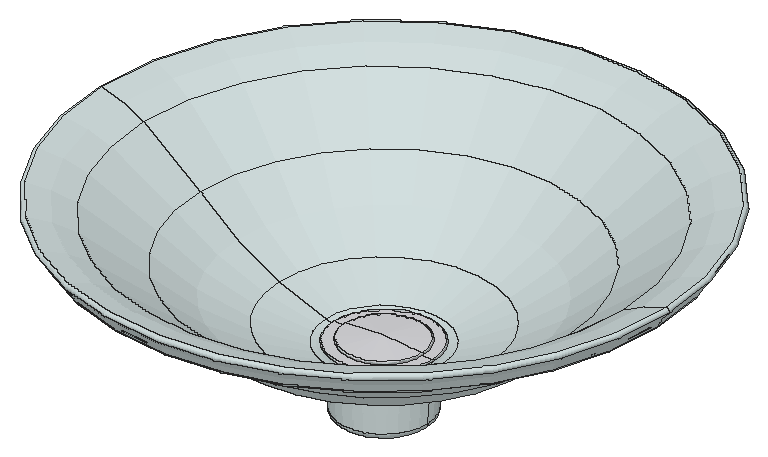
Revit family "Sink-Vessel-Lavatory-KOHLER-Derring_on_Carillon-K-17890_1", category Plumbing Fixtures, host Face, Revit 2015 (continued)
Definition of nested family "K-17890"
  Lines and regions (in)
    symbolic lines, detail levels medium+fine
      curve 2788: arc (-1.16152, -5.07039, 0) -> (-1.16837, -4.9613, 0) -> (-1.20581, -4.85861, 0) r 0.38232
      curve 2789: arc (-1.4023, -5.02707, 0) -> (-1.35047, -4.94384, 0) -> (-1.29171, -4.86534, 0) r 1.14623
      curve 2790: arc (-1.29171, -4.86534, 0) -> (-1.2502, -4.84363, 0) -> (-1.20581, -4.85861, 0) r 0.05964
      curve 2791: arc (-1.23286, -4.84481, 0) -> (-1.1581, -4.623, 0) -> (-1.0632, -4.40904, 0) r 2.53556
      curve 2792: arc (-1.0632, -4.40904, 0) -> (-1.00329, -4.31851, 0) -> (-0.92344, -4.24497, 0) r 0.44975
      curve 2793: arc (-1.23286, -4.84481, 0) -> (-1.19808, -4.61188, 0) -> (-1.17325, -4.37768, 0) r 5.52516
      curve 2794: arc (-1.17325, -4.37768, 0) -> (-1.17992, -4.26812, 0) -> (-1.21766, -4.16504, 0) r 0.37959
      curve 2795: arc (-0.92344, -4.24497, 0) -> (-0.90461, -4.04296, 0) -> (-0.90737, -3.84009, 0) r 1.90482
      curve 2796: arc (-1.21766, -4.16504, 0) -> (-1.136, -3.97034, 0) -> (-1.02476, -3.79088, 0) r 1.33954
      curve 2797: arc (-0.90737, -3.84009, 0) -> (-0.91922, -3.78008, 0) -> (-0.9459, -3.72504, 0) r 0.23936
      curve 2798: arc (-1.02476, -3.79088, 0) -> (-0.98932, -3.75317, 0) -> (-0.9459, -3.72504, 0) r 0.21491
      curve 2799: arc (-0.9459, -3.72504, 0) -> (-0.8851, -3.57488, 0) -> (-0.81281, -3.4299, 0) r 2.082
      curve 2800: arc (-0.9459, -3.72504, 0) -> (-0.92913, -3.56358, 0) -> (-0.92739, -3.40127, 0) r 1.75146
      curve 2801: arc (-0.81281, -3.4299, 0) -> (-0.77937, -3.39086, 0) -> (-0.73307, -3.36854, 0) r 0.12522
      curve 2802: arc (-0.92739, -3.40127, 0) -> (-0.93984, -3.34994, 0) -> (-0.97151, -3.30766, 0) r 0.13139
      curve 2803: arc (-0.81631, -3.3548, 0) -> (-0.61262, -2.53154, 0) -> (-0.4329, -1.70271, 0) r 29.2281
      curve 2804: arc (-0.88347, -3.33715, 0) -> (-0.66958, -2.51679, 0) -> (-0.4329, -1.70271, 0) r 30.40578
      curve 2805: arc (-0.86526, -3.48791, 0) -> (-0.83761, -3.42252, 0) -> (-0.81631, -3.3548, 0) r 0.74486
      curve 2806: arc (-0.90785, -3.46746, 0) -> (-0.89749, -3.40196, 0) -> (-0.88347, -3.33715, 0) r 1.18069
      curve 2807: arc (-0.89882, -3.50652, 0) -> (-0.90685, -3.4878, 0) -> (-0.90785, -3.46746, 0) r 0.05754
      curve 2808: arc (-0.89882, -3.50652, 0) -> (-0.87908, -3.50256, 0) -> (-0.86526, -3.48791, 0) r 0.03318
      curve 2809: arc (-1.64013, -5.58577, 0) -> (-1.57386, -5.28144, 0) -> (-1.52028, -4.97461, 0) r 7.49877
      curve 2810: arc (-2.0293, -5.46293, 0) -> (-1.91057, -5.18004, 0) -> (-1.75736, -4.91422, 0) r 2.44677
      curve 2811: arc (-1.52028, -4.97461, 0) -> (-1.51933, -4.86531, 0) -> (-1.54935, -4.76021, 0) r 0.38232
      curve 2812: arc (-1.75736, -4.91422, 0) -> (-1.69972, -4.8349, 0) -> (-1.63551, -4.76079, 0) r 1.14623
      curve 2813: arc (-1.63551, -4.76079, 0) -> (-1.59255, -4.7421, 0) -> (-1.54935, -4.76021, 0) r 0.05964
      curve 2814: arc (-1.57535, -4.74452, 0) -> (-1.48495, -4.52861, 0) -> (-1.37503, -4.32195, 0) r 2.53556
      curve 2815: arc (-1.37503, -4.32195, 0) -> (-1.30881, -4.23593, 0) -> (-1.22392, -4.16828, 0) r 0.44975
      curve 2816: arc (-1.57535, -4.74452, 0) -> (-1.52403, -4.51466, 0) -> (-1.48256, -4.28283, 0) r 5.52516
      curve 2817: arc (-1.48256, -4.28283, 0) -> (-1.4814, -4.17307, 0) -> (-1.51169, -4.06756, 0) r 0.37959
      curve 2818: arc (-1.22392, -4.16828, 0) -> (-1.19072, -3.96813, 0) -> (-1.17901, -3.76558, 0) r 1.90482
      curve 2819: arc (-1.51169, -4.06756, 0) -> (-1.41635, -3.87918, 0) -> (-1.29259, -3.70811, 0) r 1.33954
      curve 2820: arc (-1.17901, -3.76558, 0) -> (-1.18655, -3.70487, 0) -> (-1.20923, -3.64806, 0) r 0.23936
      curve 2821: arc (-1.29259, -3.70811, 0) -> (-1.25455, -3.67303, 0) -> (-1.20923, -3.64806, 0) r 0.21491
      curve 2822: arc (-1.20923, -3.64806, 0) -> (-1.13787, -3.50263, 0) -> (-1.05543, -3.36318, 0) r 2.082
      curve 2823: arc (-1.20923, -3.64806, 0) -> (-1.18099, -3.48822, 0) -> (-1.16767, -3.32645, 0) r 1.75146
      curve 2824: arc (-1.05543, -3.36318, 0) -> (-1.01929, -3.32662, 0) -> (-0.97151, -3.30766, 0) r 0.12522
      curve 2825: arc (-1.16767, -3.32645, 0) -> (-1.17643, -3.27436, 0) -> (-1.205, -3.22992, 0) r 0.13139
      curve 2826: arc (-1.05356, -3.28802, 0) -> (-0.79166, -2.48138, 0) -> (-0.55327, -1.66749, 0) r 29.2281
      curve 2827: arc (-1.11929, -3.26562, 0) -> (-0.84742, -2.46261, 0) -> (-0.55327, -1.66749, 0) r 30.40578
      curve 2828: arc (-1.11188, -3.41729, 0) -> (-1.07964, -3.35405, 0) -> (-1.05356, -3.28802, 0) r 0.74486
      curve 2829: arc (-1.1529, -3.39386, 0) -> (-1.13789, -3.32926, 0) -> (-1.11929, -3.26562, 0) r 1.18069
      curve 2830: arc (-1.14668, -3.43346, 0) -> (-1.15335, -3.41422, 0) -> (-1.1529, -3.39386, 0) r 0.05754
      curve 2831: arc (-1.14668, -3.43346, 0) -> (-1.12671, -3.43092, 0) -> (-1.11188, -3.41729, 0) r 0.03318
      curve 2832: arc (-2.03444, -5.45453, 0) -> (-1.94662, -5.1557, 0) -> (-1.87129, -4.85348, 0) r 7.49877
      curve 2833: arc (-2.41386, -5.30424, 0) -> (-2.27524, -5.03054, 0) -> (-2.10346, -4.77633, 0) r 2.44677
      curve 2834: arc (-1.87129, -4.85348, 0) -> (-1.86254, -4.74453, 0) -> (-1.88499, -4.63755, 0) r 0.38232
      curve 2835: arc (-2.10346, -4.77633, 0) -> (-2.0403, -4.70132, 0) -> (-1.97097, -4.63199, 0) r 1.14623
      curve 2836: arc (-1.97097, -4.63199, 0) -> (-1.92679, -4.61641, 0) -> (-1.88499, -4.63755, 0) r 0.05964
      curve 2837: arc (-1.9098, -4.62004, 0) -> (-1.80423, -4.41113, 0) -> (-1.67985, -4.21285, 0) r 2.53556
      curve 2838: arc (-1.67985, -4.21285, 0) -> (-1.60767, -4.13177, 0) -> (-1.51816, -4.07035, 0) r 0.44975
      curve 2839: arc (-1.9098, -4.62004, 0) -> (-1.84222, -4.39444, 0) -> (-1.78432, -4.16616, 0) r 5.52516
      curve 2840: arc (-1.78432, -4.16616, 0) -> (-1.77532, -4.05676, 0) -> (-1.79801, -3.94936, 0) r 0.37959
      curve 2841: arc (-1.51816, -4.07035, 0) -> (-1.47077, -3.87307, 0) -> (-1.44463, -3.67187, 0) r 1.90482
      curve 2842: arc (-1.79801, -3.94936, 0) -> (-1.68948, -3.76825, 0) -> (-1.55383, -3.60645, 0) r 1.33954
      curve 2843: arc (-1.44463, -3.67187, 0) -> (-1.44783, -3.61079, 0) -> (-1.4664, -3.5525, 0) r 0.23936
      curve 2844: arc (-1.55383, -3.60645, 0) -> (-1.51339, -3.57418, 0) -> (-1.4664, -3.5525, 0) r 0.21491
      curve 2845: arc (-1.4664, -3.5525, 0) -> (-1.38485, -3.41253, 0) -> (-1.29266, -3.27931, 0) r 2.082
      curve 2846: arc (-1.4664, -3.5525, 0) -> (-1.42683, -3.39508, 0) -> (-1.402, -3.23467, 0) r 1.75146
      curve 2847: arc (-1.29266, -3.27931, 0) -> (-1.25401, -3.24543, 0) -> (-1.205, -3.22992, 0) r 0.12522
      curve 2848: arc (-1.402, -3.23467, 0) -> (-1.40702, -3.18209, 0) -> (-1.43235, -3.13573, 0) r 0.13139
      curve 2849: arc (-1.28544, -3.20448, 0) -> (-0.96666, -2.41858, 0) -> (-0.67082, -1.62377, 0) r 29.2281
      curve 2850: arc (-1.3494, -3.17745, 0) -> (-1.02094, -2.39588, 0) -> (-0.67082, -1.62377, 0) r 30.40578
      curve 2851: arc (-1.35284, -3.32927, 0) -> (-1.31616, -3.26848, 0) -> (-1.28544, -3.20448, 0) r 0.74486
      curve 2852: arc (-1.39208, -3.30296, 0) -> (-1.3725, -3.23961, 0) -> (-1.3494, -3.17745, 0) r 1.18069
      curve 2853: arc (-1.3887, -3.34291, 0) -> (-1.39398, -3.32324, 0) -> (-1.39208, -3.30296, 0) r 0.05754
      curve 2854: arc (-1.3887, -3.34291, 0) -> (-1.3686, -3.3418, 0) -> (-1.35284, -3.32927, 0) r 0.03318
      curve 2855: arc (-2.41837, -5.2955, 0) -> (-2.30946, -5.0037, 0) -> (-2.21276, -4.70762, 0) r 7.49877
      curve 2856: arc (-2.78611, -5.11853, 0) -> (-2.62831, -4.85541, 0) -> (-2.43884, -4.61411, 0) r 2.44677
      curve 2857: arc (-2.21276, -4.70762, 0) -> (-2.19627, -4.59957, 0) -> (-2.21103, -4.49126, 0) r 0.38232
      curve 2858: arc (-2.43884, -4.61411, 0) -> (-2.37049, -4.54379, 0) -> (-2.29639, -4.47958, 0) r 1.14623
      curve 2859: arc (-2.29639, -4.47958, 0) -> (-2.25121, -4.46719, 0) -> (-2.21103, -4.49126, 0) r 0.05964
      curve 2860: arc (-2.23453, -4.47203, 0) -> (-2.11432, -4.27118, 0) -> (-1.97611, -4.08228, 0) r 2.53556
      curve 2861: arc (-1.97611, -4.08228, 0) -> (-1.89833, -4.00655, 0) -> (-1.80467, -3.95167, 0) r 0.44975
      curve 2862: arc (-2.23453, -4.47203, 0) -> (-2.15102, -4.25182, 0) -> (-2.07698, -4.02825, 0) r 5.52516
      curve 2863: arc (-2.07698, -4.02825, 0) -> (-2.06021, -3.91977, 0) -> (-2.07517, -3.81103, 0) r 0.37959
      curve 2864: arc (-1.80467, -3.95167, 0) -> (-1.74333, -3.75828, 0) -> (-1.7029, -3.55946, 0) r 1.90482
      curve 2865: arc (-2.07517, -3.81103, 0) -> (-1.95399, -3.63813, 0) -> (-1.80715, -3.48641, 0) r 1.33954
      curve 2866: arc (-1.7029, -3.55946, 0) -> (-1.70173, -3.4983, 0) -> (-1.7161, -3.43884, 0) r 0.23936
      curve 2867: arc (-1.80715, -3.48641, 0) -> (-1.76451, -3.45711, 0) -> (-1.7161, -3.43884, 0) r 0.21491
      curve 2868: arc (-1.7161, -3.43884, 0) -> (-1.62477, -3.30504, 0) -> (-1.52331, -3.17874, 0) r 2.082
      curve 2869: arc (-1.7161, -3.43884, 0) -> (-1.66539, -3.28464, 0) -> (-1.62919, -3.12641, 0) r 1.75146
      curve 2870: arc (-1.52331, -3.17874, 0) -> (-1.48234, -3.1477, 0) -> (-1.43235, -3.13573, 0) r 0.12522
      curve 2871: arc (-1.62919, -3.12641, 0) -> (-1.63044, -3.0736, 0) -> (-1.6524, -3.02556, 0) r 0.13139
      curve 2872: arc (-1.51077, -3.10461, 0) -> (-1.13674, -2.34346, 0) -> (-0.78495, -1.57178, 0) r 29.2281
      curve 2873: arc (-1.57264, -3.07309, 0) -> (-1.18926, -2.31694, 0) -> (-0.78495, -1.57178, 0) r 30.40578
      curve 2874: arc (-1.5869, -3.22427, 0) -> (-1.54598, -3.16626, 0) -> (-1.51077, -3.10461, 0) r 0.74486
      curve 2875: arc (-1.62416, -3.19524, 0) -> (-1.60012, -3.13344, 0) -> (-1.57264, -3.07309, 0) r 1.18069
      curve 2876: arc (-1.62364, -3.23533, 0) -> (-1.62751, -3.21533, 0) -> (-1.62416, -3.19524, 0) r 0.05754
      curve 2877: arc (-1.62364, -3.23533, 0) -> (-1.60351, -3.23565, 0) -> (-1.5869, -3.22427, 0) r 0.03318
      curve 2878: arc (-2.78999, -5.10948, 0) -> (-2.66054, -4.82619, 0) -> (-2.54296, -4.53777, 0) r 7.49877
      curve 2879: arc (-3.14416, -4.90673, 0) -> (-2.968, -4.65554, 0) -> (-2.76179, -4.42836, 0) r 2.44677
      curve 2880: arc (-2.54296, -4.53777, 0) -> (-2.5188, -4.43117, 0) -> (-2.5258, -4.32208, 0) r 0.38232
      curve 2881: arc (-2.76179, -4.42836, 0) -> (-2.6886, -4.36311, 0) -> (-2.61011, -4.30434, 0) r 1.14623
      curve 2882: arc (-2.61011, -4.30434, 0) -> (-2.56416, -4.29521, 0) -> (-2.5258, -4.32208, 0) r 0.05964
      curve 2883: arc (-2.54786, -4.30122, 0) -> (-2.41364, -4.10947, 0) -> (-2.2623, -3.9309, 0) r 2.53556
      curve 2884: arc (-2.2623, -3.9309, 0) -> (-2.17932, -3.86092, 0) -> (-2.08198, -3.81286, 0) r 0.44975
      curve 2885: arc (-2.54786, -4.30122, 0) -> (-2.44886, -4.08753, 0) -> (-2.35906, -3.86982, 0) r 5.52516
      curve 2886: arc (-2.35906, -3.86982, 0) -> (-2.33459, -3.76281, 0) -> (-2.34176, -3.65328, 0) r 0.37959
      curve 2887: arc (-2.08198, -3.81286, 0) -> (-2.007, -3.62434, 0) -> (-1.95249, -3.42891, 0) r 1.90482
      curve 2888: arc (-2.34176, -3.65328, 0) -> (-2.20856, -3.48946, 0) -> (-2.05127, -3.34861, 0) r 1.33954
      curve 2889: arc (-1.95249, -3.42891, 0) -> (-1.94696, -3.36799, 0) -> (-1.95705, -3.30765, 0) r 0.23936
      curve 2890: arc (-2.05127, -3.34861, 0) -> (-2.00664, -3.32242, 0) -> (-1.95705, -3.30765, 0) r 0.21491
      curve 2891: arc (-1.95705, -3.30765, 0) -> (-1.85641, -3.18071, 0) -> (-1.7462, -3.06197, 0) r 2.082
      curve 2892: arc (-1.95705, -3.30765, 0) -> (-1.89548, -3.15747, 0) -> (-1.84807, -3.00222, 0) r 1.75146
      curve 2893: arc (-1.7462, -3.06197, 0) -> (-1.70312, -3.03393, 0) -> (-1.6524, -3.02556, 0) r 0.12522
      curve 2894: arc (-1.84807, -3.00222, 0) -> (-1.84556, -2.94946, 0) -> (-1.86403, -2.89997, 0) r 0.13139
      curve 2895: arc (-1.7284, -2.98893, 0) -> (-1.30102, -2.2564, 0) -> (-0.89508, -1.51177, 0) r 29.2281
      curve 2896: arc (-1.78787, -2.95307, 0) -> (-1.35152, -2.2262, 0) -> (-0.89508, -1.51177, 0) r 30.40578
      curve 2897: arc (-1.81287, -3.10285, 0) -> (-1.76792, -3.0479, 0) -> (-1.7284, -2.98893, 0) r 0.74486
      curve 2898: arc (-1.84797, -3.07123, 0) -> (-1.81958, -3.0113, 0) -> (-1.78787, -2.95307, 0) r 1.18069
      curve 2899: arc (-1.85031, -3.11125, 0) -> (-1.85274, -3.09103, 0) -> (-1.84797, -3.07123, 0) r 0.05754
      curve 2900: arc (-1.85031, -3.11125, 0) -> (-1.83025, -3.11302, 0) -> (-1.81287, -3.10285, 0) r 0.03318
      curve 2901: arc (-3.14739, -4.89743, 0) -> (-2.99806, -4.62409, 0) -> (-2.8602, -4.34479, 0) r 7.49877
      curve 2902: arc (-3.48619, -4.66992, 0) -> (-3.29256, -4.43194, 0) -> (-3.07067, -4.22006, 0) r 2.44677
      curve 2903: arc (-2.8602, -4.34479, 0) -> (-2.8285, -4.24019, 0) -> (-2.82769, -4.13088, 0) r 0.38232
      curve 2904: arc (-3.07067, -4.22006, 0) -> (-2.99301, -4.16019, 0) -> (-2.91053, -4.10717, 0) r 1.14623
      curve 2905: arc (-2.91053, -4.10717, 0) -> (-2.86405, -4.10134, 0) -> (-2.82769, -4.13088, 0) r 0.05964
      curve 2906: arc (-2.84822, -4.1085, 0) -> (-2.70065, -3.92681, 0) -> (-2.53696, -3.75949, 0) r 2.53556
      curve 2907: arc (-2.53696, -3.75949, 0) -> (-2.4492, -3.69561, 0) -> (-2.34868, -3.65462, 0) r 0.44975
      curve 2908: arc (-2.84822, -4.1085, 0) -> (-2.73423, -3.90242, 0) -> (-2.62912, -3.69166, 0) r 5.52516
      curve 2909: arc (-2.62912, -3.69166, 0) -> (-2.59708, -3.58667, 0) -> (-2.59642, -3.47691, 0) r 0.37959
      curve 2910: arc (-2.34868, -3.65462, 0) -> (-2.26044, -3.47192, 0) -> (-2.19213, -3.28088, 0) r 1.90482
      curve 2911: arc (-2.59642, -3.47691, 0) -> (-2.45187, -3.32301, 0) -> (-2.28493, -3.19374, 0) r 1.33954
      curve 2912: arc (-2.19213, -3.28088, 0) -> (-2.18227, -3.22051, 0) -> (-2.18803, -3.15961, 0) r 0.23936
      curve 2913: arc (-2.28493, -3.19374, 0) -> (-2.23855, -3.1708, 0) -> (-2.18803, -3.15961, 0) r 0.21491
      curve 2914: arc (-2.18803, -3.15961, 0) -> (-2.07859, -3.04017, 0) -> (-1.96019, -2.9296, 0) r 2.082
      curve 2915: arc (-2.18803, -3.15961, 0) -> (-2.1159, -3.0142, 0) -> (-2.05754, -2.86273, 0) r 1.75146
      curve 2916: arc (-1.96019, -2.9296, 0) -> (-1.91522, -2.9047, 0) -> (-1.86403, -2.89997, 0) r 0.12522
      curve 2917: arc (-2.05754, -2.86273, 0) -> (-2.05127, -2.81028, 0) -> (-2.06616, -2.7596, 0) r 0.13139
      curve 2918: arc (-1.93722, -2.85801, 0) -> (-1.45868, -2.15783, 0) -> (-1.00064, -1.44407, 0) r 29.2281
      curve 2919: arc (-1.99398, -2.818, 0) -> (-1.50689, -2.12411, 0) -> (-1.00064, -1.44407, 0) r 30.40578
      curve 2920: arc (-2.02961, -2.96562, 0) -> (-1.98085, -2.91402, 0) -> (-1.93722, -2.85801, 0) r 0.74486
      curve 2921: arc (-2.06236, -2.93157, 0) -> (-2.02976, -2.87382, 0) -> (-1.99398, -2.818, 0) r 1.18069
      curve 2922: arc (-2.06755, -2.97133, 0) -> (-2.06853, -2.95098, 0) -> (-2.06236, -2.93157, 0) r 0.05754
      curve 2923: arc (-2.06755, -2.97133, 0) -> (-2.04767, -2.97452, 0) -> (-2.02961, -2.96562, 0) r 0.03318
      curve 2924: arc (-3.48875, -4.66042, 0) -> (-3.3203, -4.39843, 0) -> (-3.16287, -4.12968, 0) r 7.49877
      curve 2925: arc (-3.81045, -4.40932, 0) -> (-3.60034, -4.18576, 0) -> (-3.3639, -3.99025, 0) r 2.44677
      curve 2926: arc (-3.16287, -4.12968, 0) -> (-3.12379, -4.0276, 0) -> (-3.11518, -3.91863, 0) r 0.38232
      curve 2927: arc (-3.3639, -3.99025, 0) -> (-3.28217, -3.93607, 0) -> (-3.19611, -3.88907, 0) r 1.14623
      curve 2928: arc (-3.19611, -3.88907, 0) -> (-3.14934, -3.88657, 0) -> (-3.11518, -3.91863, 0) r 0.05964
      curve 2929: arc (-3.13406, -3.89485, 0) -> (-2.97391, -3.72414, 0) -> (-2.7987, -3.56893, 0) r 2.53556
      curve 2930: arc (-2.7987, -3.56893, 0) -> (-2.7066, -3.51147, 0) -> (-2.60341, -3.47775, 0) r 0.44975
      curve 2931: arc (-3.13406, -3.89485, 0) -> (-3.00565, -3.69742, 0) -> (-2.88578, -3.4947, 0) r 5.52516
      curve 2932: arc (-2.88578, -3.4947, 0) -> (-2.84633, -3.39226, 0) -> (-2.83784, -3.28282, 0) r 0.37959
      curve 2933: arc (-2.60341, -3.47775, 0) -> (-2.50237, -3.30182, 0) -> (-2.4206, -3.11614, 0) r 1.90482
      curve 2934: arc (-2.83784, -3.28282, 0) -> (-2.68268, -3.13963, 0) -> (-2.50694, -3.0226, 0) r 1.33954
      curve 2935: arc (-2.4206, -3.11614, 0) -> (-2.40646, -3.05662, 0) -> (-2.40786, -2.99547, 0) r 0.23936
      curve 2936: arc (-2.50694, -3.0226, 0) -> (-2.45905, -3.00303, 0) -> (-2.40786, -2.99547, 0) r 0.21491
      curve 2937: arc (-2.40786, -2.99547, 0) -> (-2.29017, -2.88414, 0) -> (-2.16419, -2.78229, 0) r 2.082
      curve 2938: arc (-2.40786, -2.99547, 0) -> (-2.32554, -2.85557, 0) -> (-2.25652, -2.70866, 0) r 1.75146
      curve 2939: arc (-2.16419, -2.78229, 0) -> (-2.11756, -2.76067, 0) -> (-2.06616, -2.7596, 0) r 0.12522
      curve 2940: arc (-2.25652, -2.70866, 0) -> (-2.24652, -2.65679, 0) -> (-2.25776, -2.60517, 0) r 0.13139
      curve 2941: arc (-2.13618, -2.71253, 0) -> (-1.6089, -2.04827, 0) -> (-1.10111, -1.369, 0) r 29.2281
      curve 2942: arc (-2.18993, -2.66857, 0) -> (-1.65458, -2.0112, 0) -> (-1.10111, -1.369, 0) r 30.40578
      curve 2943: arc (-2.236, -2.81327, 0) -> (-2.18368, -2.76528, 0) -> (-2.13618, -2.71253, 0) r 0.74486
      curve 2944: arc (-2.26624, -2.77698, 0) -> (-2.22961, -2.7217, 0) -> (-2.18993, -2.66857, 0) r 1.18069
      curve 2945: arc (-2.27426, -2.81626, 0) -> (-2.27378, -2.7959, 0) -> (-2.26624, -2.77698, 0) r 0.05754
      curve 2946: arc (-2.27426, -2.81626, 0) -> (-2.25465, -2.82086, 0) -> (-2.236, -2.81327, 0) r 0.03318
      curve 2947: arc (-3.81233, -4.39966, 0) -> (-3.62562, -4.15036, 0) -> (-3.44942, -3.89352, 0) r 7.49877
      curve 2948: arc (-4.1153, -4.12625, 0) -> (-3.88978, -3.91825, 0) -> (-3.63999, -3.7401, 0) r 2.44677
      curve 2949: arc (-3.44942, -3.89352, 0) -> (-3.40315, -3.79449, 0) -> (-3.3868, -3.68641, 0) r 0.38232
      curve 2950: arc (-3.63999, -3.7401, 0) -> (-3.55461, -3.69189, 0) -> (-3.46541, -3.65115, 0) r 1.14623
      curve 2951: arc (-3.46541, -3.65115, 0) -> (-3.41858, -3.652, 0) -> (-3.3868, -3.68641, 0) r 0.05964
      curve 2952: arc (-3.40393, -3.66134, 0) -> (-3.23201, -3.5025, 0) -> (-3.04617, -3.36018, 0) r 2.53556
      curve 2953: arc (-3.04617, -3.36018, 0) -> (-2.95021, -3.30944, 0) -> (-2.84488, -3.28317, 0) r 0.44975
      curve 2954: arc (-3.40393, -3.66134, 0) -> (-3.26177, -3.47358, 0) -> (-3.12774, -3.27992, 0) r 5.52516
      curve 2955: arc (-3.12774, -3.27992, 0) -> (-3.08108, -3.18056, 0) -> (-3.06481, -3.07201, 0) r 0.37959
      curve 2956: arc (-2.84488, -3.28317, 0) -> (-2.73154, -3.11489, 0) -> (-2.63674, -2.93551, 0) r 1.90482
      curve 2957: arc (-3.06481, -3.07201, 0) -> (-2.89982, -2.94025, 0) -> (-2.71619, -2.83606, 0) r 1.33954
      curve 2958: arc (-2.63674, -2.93551, 0) -> (-2.61838, -2.87716, 0) -> (-2.61542, -2.81606, 0) r 0.23936
      curve 2959: arc (-2.71619, -2.83606, 0) -> (-2.66701, -2.81995, 0) -> (-2.61542, -2.81606, 0) r 0.21491
      curve 2960: arc (-2.61542, -2.81606, 0) -> (-2.49009, -2.71341, 0) -> (-2.35716, -2.62081, 0) r 2.082
      curve 2961: arc (-2.61542, -2.81606, 0) -> (-2.52333, -2.6824, 0) -> (-2.44401, -2.54078, 0) r 1.75146
      curve 2962: arc (-2.35716, -2.62081, 0) -> (-2.3091, -2.60257, 0) -> (-2.25776, -2.60517, 0) r 0.12522
      curve 2963: arc (-2.44401, -2.54078, 0) -> (-2.43033, -2.48975, 0) -> (-2.43786, -2.43747, 0) r 0.13139
      curve 2964: arc (-2.32424, -2.55322, 0) -> (-1.75092, -1.92828, 0) -> (-1.19597, -1.28696, 0) r 29.2281
      curve 2965: arc (-2.37473, -2.50554, 0) -> (-1.79384, -1.88804, 0) -> (-1.19597, -1.28696, 0) r 30.40578
      curve 2966: arc (-2.431, -2.64659, 0) -> (-2.37539, -2.60245, 0) -> (-2.32424, -2.55322, 0) r 0.74486
      curve 2967: arc (-2.45857, -2.60823, 0) -> (-2.41809, -2.55571, 0) -> (-2.37473, -2.50554, 0) r 1.18069
      curve 2968: arc (-2.46937, -2.64684, 0) -> (-2.46744, -2.62656, 0) -> (-2.45857, -2.60823, 0) r 0.05754
      curve 2969: arc (-2.46937, -2.64684, 0) -> (-2.45014, -2.65282, 0) -> (-2.431, -2.64659, 0) r 0.03318
      curve 2970: arc (-4.11648, -4.11648, 0) -> (-3.91246, -3.88114, 0) -> (-3.71839, -3.63752, 0) r 7.49877
      curve 2971: arc (-4.39918, -3.82216, 0) -> (-4.15939, -3.63077, 0) -> (-3.89753, -3.4709, 0) r 2.44677
      curve 2972: arc (-3.71839, -3.63752, 0) -> (-3.66518, -3.54204, 0) -> (-3.64115, -3.43541, 0) r 0.38232
      curve 2973: arc (-3.89753, -3.4709, 0) -> (-3.80893, -3.4289, 0) -> (-3.71705, -3.39463, 0) r 1.14623
      curve 2974: arc (-3.71705, -3.39463, 0) -> (-3.6704, -3.39881, 0) -> (-3.64115, -3.43541, 0) r 0.05964
      curve 2975: arc (-3.65645, -3.40918, 0) -> (-3.47364, -3.263, 0) -> (-3.27812, -3.13431, 0) r 2.53556
      curve 2976: arc (-3.27812, -3.13431, 0) -> (-3.17878, -3.09054, 0) -> (-3.07185, -3.07185, 0) r 0.44975
      curve 2977: arc (-3.65645, -3.40918, 0) -> (-3.50126, -3.23203, 0) -> (-3.35375, -3.04844, 0) r 5.52516
      curve 2978: arc (-3.35375, -3.04844, 0) -> (-3.30013, -2.95266, 0) -> (-3.27615, -2.84554, 0) r 0.37959
      curve 2979: arc (-3.07185, -3.07185, 0) -> (-2.94679, -2.91209, 0) -> (-2.83944, -2.73993, 0) r 1.90482
      curve 2980: arc (-3.27615, -2.84554, 0) -> (-3.10219, -2.72589, 0) -> (-2.91159, -2.63506, 0) r 1.33954
      curve 2981: arc (-2.83944, -2.73993, 0) -> (-2.81697, -2.68304, 0) -> (-2.80965, -2.62231, 0) r 0.23936
      curve 2982: arc (-2.91159, -2.63506, 0) -> (-2.86139, -2.6225, 0) -> (-2.80965, -2.62231, 0) r 0.21491
      curve 2983: arc (-2.80965, -2.62231, 0) -> (-2.67732, -2.52886, 0) -> (-2.53812, -2.44598, 0) r 2.082
      curve 2984: arc (-2.80965, -2.62231, 0) -> (-2.70826, -2.49555, 0) -> (-2.61904, -2.35995, 0) r 1.75146
      curve 2985: arc (-2.53812, -2.44598, 0) -> (-2.48889, -2.43121, 0) -> (-2.43786, -2.43747, 0) r 0.12522
      curve 2986: arc (-2.61904, -2.35995, 0) -> (-2.60176, -2.31003, 0) -> (-2.60554, -2.25734, 0) r 0.13139
      curve 2987: arc (-2.50047, -2.38091, 0) -> (-1.88402, -1.79846, 0) -> (-1.28474, -1.19836, 0) r 29.2281
      curve 2988: arc (-2.54742, -2.32975, 0) -> (-1.92396, -1.75525, 0) -> (-1.28474, -1.19836, 0) r 30.40578
      curve 2989: arc (-2.61361, -2.46642, 0) -> (-2.555, -2.42636, 0) -> (-2.50047, -2.38091, 0) r 0.74486
      curve 2990: arc (-2.63838, -2.42619, 0) -> (-2.59425, -2.37669, 0) -> (-2.54742, -2.32975, 0) r 1.18069
      curve 2991: arc (-2.6519, -2.46393, 0) -> (-2.64853, -2.44385, 0) -> (-2.63838, -2.42619, 0) r 0.05754
      curve 2992: arc (-2.6519, -2.46393, 0) -> (-2.63315, -2.47127, 0) -> (-2.61361, -2.46642, 0) r 0.03318
      curve 2993: arc (-4.39966, -3.81233, 0) -> (-4.17937, -3.59214, 0) -> (-3.96842, -3.36299, 0) r 7.49877
      curve 2994: arc (-4.66064, -3.49859, 0) -> (-4.40781, -3.32479, 0) -> (-4.13521, -3.18401, 0) r 2.44677
      curve 2995: arc (-3.96842, -3.36299, 0) -> (-3.90853, -3.27155, 0) -> (-3.87696, -3.1669, 0) r 0.38232
      curve 2996: arc (-4.13521, -3.18401, 0) -> (-4.04384, -3.14844, 0) -> (-3.94975, -3.12081, 0) r 1.14623
      curve 2997: arc (-3.94975, -3.12081, 0) -> (-3.90351, -3.12831, 0) -> (-3.87696, -3.1669, 0) r 0.05964
      curve 2998: arc (-3.89034, -3.13964, 0) -> (-3.69757, -3.00688, 0) -> (-3.49337, -2.89246, 0) r 2.53556
      curve 2999: arc (-3.49337, -2.89246, 0) -> (-3.39116, -2.85589, 0) -> (-3.28317, -2.84488, 0) r 0.44975
      curve 3000: arc (-3.89034, -3.13964, 0) -> (-3.72291, -2.97402, 0) -> (-3.56268, -2.80142, 0) r 5.52516
      curve 3001: arc (-3.56268, -2.80142, 0) -> (-3.50064, -2.70598, 0) -> (-3.46969, -2.59644, 0) r 0.37959
      curve 3002: arc (-3.28317, -2.84488, 0) -> (-3.14703, -2.69445, 0) -> (-3.02767, -2.53039, 0) r 1.90482
      curve 3003: arc (-3.4708, -2.60457, 0) -> (-3.28875, -2.49764, 0) -> (-3.09215, -2.42064, 0) r 1.33954
      curve 3004: arc (-3.02767, -2.53039, 0) -> (-3.00119, -2.47524, 0) -> (-2.98956, -2.41519, 0) r 0.23936
      curve 3005: arc (-3.09215, -2.42064, 0) -> (-3.04119, -2.41169, 0) -> (-2.98956, -2.41519, 0) r 0.21491
      curve 3006: arc (-2.98956, -2.41519, 0) -> (-2.8509, -2.33142, 0) -> (-2.70615, -2.25868, 0) r 2.082
      curve 3007: arc (-2.98956, -2.41519, 0) -> (-2.87939, -2.29599, 0) -> (-2.78072, -2.1671, 0) r 1.75146
      curve 3008: arc (-2.70615, -2.25868, 0) -> (-2.65598, -2.24746, 0) -> (-2.60554, -2.25734, 0) r 0.12522
      curve 3009: arc (-2.78072, -2.1671, 0) -> (-2.75992, -2.11854, 0) -> (-2.75994, -2.06571, 0) r 0.13139
      curve 3010: arc (-2.66395, -2.19646, 0) -> (-2.00752, -1.65947, 0) -> (-1.36695, -1.10366, 0) r 29.2281
      curve 3011: arc (-2.70713, -2.14208, 0) -> (-2.04428, -1.61353, 0) -> (-1.36695, -1.10366, 0) r 30.40578
      curve 3012: arc (-2.7829, -2.27368, 0) -> (-2.72158, -2.23791, 0) -> (-2.66395, -2.19646, 0) r 0.74486
      curve 3013: arc (-2.80474, -2.23179, 0) -> (-2.75719, -2.18556, 0) -> (-2.70713, -2.14208, 0) r 1.18069
      curve 3014: arc (-2.82092, -2.26847, 0) -> (-2.81613, -2.24867, 0) -> (-2.80474, -2.23179, 0) r 0.05754
      curve 3015: arc (-2.82092, -2.26847, 0) -> (-2.80274, -2.27713, 0) -> (-2.7829, -2.27368, 0) r 0.03318
      curve 3016: arc (-4.66042, -3.48875, 0) -> (-4.42498, -3.28483, 0) -> (-4.19822, -3.07131, 0) r 7.49877
      curve 3017: arc (-4.89835, -3.15718, 0) -> (-4.63377, -3.00187, 0) -> (-4.35182, -2.88089, 0) r 2.44677
      curve 3018: arc (-4.19822, -3.07131, 0) -> (-4.13196, -2.98438, 0) -> (-4.093, -2.88225, 0) r 0.38232
      curve 3019: arc (-4.35182, -2.88089, 0) -> (-4.25814, -2.85193, 0) -> (-4.16233, -2.83109, 0) r 1.14623
      curve 3020: arc (-4.16233, -2.83109, 0) -> (-4.11674, -2.84187, 0) -> (-4.093, -2.88225, 0) r 0.05964
      curve 3021: arc (-4.10441, -2.85411, 0) -> (-3.90266, -2.73544, 0) -> (-3.69082, -2.63588, 0) r 2.53556
      curve 3022: arc (-3.69082, -2.63588, 0) -> (-3.58626, -2.60669, 0) -> (-3.47775, -2.60341, 0) r 0.44975
      curve 3023: arc (-4.10441, -2.85411, 0) -> (-3.92559, -2.70086, 0) -> (-3.75346, -2.54012, 0) r 5.52516
      curve 3024: arc (-3.75346, -2.54012, 0) -> (-3.68477, -2.44935, 0) -> (-3.64608, -2.3423, 0) r 0.37959
      curve 3025: arc (-3.47775, -2.60341, 0) -> (-3.33123, -2.46307, 0) -> (-3.20047, -2.30795, 0) r 1.90482
      curve 3026: arc (-3.64777, -2.35033, 0) -> (-3.45855, -2.25666, 0) -> (-3.25696, -2.19388, 0) r 1.33954
      curve 3027: arc (-3.20047, -2.30795, 0) -> (-3.17013, -2.25483, 0) -> (-3.15424, -2.19576, 0) r 0.23936
      curve 3028: arc (-3.25696, -2.19388, 0) -> (-3.20549, -2.18859, 0) -> (-3.15424, -2.19576, 0) r 0.21491
      curve 3029: arc (-3.15424, -2.19576, 0) -> (-3.00996, -2.12209, 0) -> (-2.86039, -2.05987, 0) r 2.082
      curve 3030: arc (-3.15424, -2.19576, 0) -> (-3.03584, -2.08472, 0) -> (-2.92823, -1.9632, 0) r 1.75146
      curve 3031: arc (-2.86039, -2.05987, 0) -> (-2.80955, -2.05226, 0) -> (-2.75994, -2.06571, 0) r 0.12522
      curve 3032: arc (-2.92823, -1.9632, 0) -> (-2.90403, -1.91625, 0) -> (-2.90027, -1.86356, 0) r 0.13139
      curve 3033: arc (-2.81385, -2.00082, 0) -> (-2.12079, -1.51203, 0) -> (-1.4422, -1.00333, 0) r 29.2281
      curve 3034: arc (-2.85305, -1.9435, 0) -> (-2.15418, -1.46358, 0) -> (-1.4422, -1.00333, 0) r 30.40578
      curve 3035: arc (-2.93801, -2.06936, 0) -> (-2.8743, -2.03805, 0) -> (-2.81385, -2.00082, 0) r 0.74486
      curve 3036: arc (-2.9568, -2.02602, 0) -> (-2.90609, -1.9833, 0) -> (-2.85305, -1.9435, 0) r 1.18069
      curve 3037: arc (-2.97557, -2.06145, 0) -> (-2.96937, -2.04204, 0) -> (-2.9568, -2.02602, 0) r 0.05754
      curve 3038: arc (-2.97557, -2.06145, 0) -> (-2.95805, -2.07138, 0) -> (-2.93801, -2.06936, 0) r 0.03318
      curve 3039: arc (-4.89743, -3.14739, 0) -> (-4.64805, -2.96079, 0) -> (-4.40663, -2.76399, 0) r 7.49877
      curve 3040: arc (-5.1111, -2.7997, 0) -> (-4.83611, -2.66366, 0) -> (-4.54625, -2.5631, 0) r 2.44677
      curve 3041: arc (-4.40663, -2.76399, 0) -> (-4.33433, -2.68201, 0) -> (-4.28819, -2.58292, 0) r 0.38232
      curve 3042: arc (-4.54625, -2.5631, 0) -> (-4.45075, -2.5409, 0) -> (-4.35369, -2.52694, 0) r 1.14623
      curve 3043: arc (-4.35369, -2.52694, 0) -> (-4.30899, -2.54094, 0) -> (-4.28819, -2.58292, 0) r 0.05964
      curve 3044: arc (-4.29756, -2.55403, 0) -> (-4.08786, -2.45006, 0) -> (-3.86945, -2.36586, 0) r 2.53556
      curve 3045: arc (-3.86945, -2.36586, 0) -> (-3.76308, -2.34421, 0) -> (-3.65462, -2.34868, 0) r 0.44975
      curve 3046: arc (-4.29756, -2.55403, 0) -> (-4.10826, -2.41393, 0) -> (-3.9251, -2.26588, 0) r 5.52516
      curve 3047: arc (-3.9251, -2.26588, 0) -> (-3.85234, -2.18369, 0) -> (-3.80615, -2.08412, 0) r 0.37959
      curve 3048: arc (-3.65462, -2.34868, 0) -> (-3.49846, -2.21915, 0) -> (-3.35696, -2.07375, 0) r 1.90482
      curve 3049: arc (-3.80615, -2.08412, 0) -> (-3.61072, -2.00418, 0) -> (-3.40517, -1.95594, 0) r 1.33954
      curve 3050: arc (-3.35696, -2.07375, 0) -> (-3.32291, -2.02293, 0) -> (-3.30285, -1.96515, 0) r 0.23936
      curve 3051: arc (-3.40517, -1.95594, 0) -> (-3.35345, -1.95434, 0) -> (-3.30285, -1.96515, 0) r 0.21491
      curve 3052: arc (-3.30285, -1.96515, 0) -> (-3.15368, -1.90196, 0) -> (-3.00005, -1.85056, 0) r 2.082
      curve 3053: arc (-3.30285, -1.96515, 0) -> (-3.17683, -1.86284, 0) -> (-3.06083, -1.7493, 0) r 1.75146
      curve 3054: arc (-3.00005, -1.85056, 0) -> (-2.9488, -1.8466, 0) -> (-2.90027, -1.86356, 0) r 0.12522
      curve 3055: arc (-3.06083, -1.7493, 0) -> (-3.03333, -1.7042, 0) -> (-3.02583, -1.65191, 0) r 0.13139
      curve 3056: arc (-2.94942, -1.79498, 0) -> (-2.22326, -1.35688, 0) -> (-1.51011, -0.89789, 0) r 29.2281
      curve 3057: arc (-2.98443, -1.73501, 0) -> (-2.2531, -1.30617, 0) -> (-1.51011, -0.89789, 0) r 30.40578
      curve 3058: arc (-3.07816, -1.85449, 0) -> (-3.01237, -1.82781, 0) -> (-2.94942, -1.79498, 0) r 0.74486
      curve 3059: arc (-3.09381, -1.80992, 0) -> (-3.04017, -1.77093, 0) -> (-2.98443, -1.73501, 0) r 1.18069
      curve 3060: arc (-3.11505, -1.84392, 0) -> (-3.10748, -1.82501, 0) -> (-3.09381, -1.80992, 0) r 0.05754
      curve 3061: arc (-3.11505, -1.84392, 0) -> (-3.09828, -1.85508, 0) -> (-3.07816, -1.85449, 0) r 0.03318
      curve 3062: arc (-5.10948, -2.78999, 0) -> (-4.84742, -2.62166, 0) -> (-4.59258, -2.44258, 0) r 7.49877
      curve 3063: arc (-5.29781, -2.42794, 0) -> (-5.01381, -2.31186, 0) -> (-4.71752, -2.23224, 0) r 2.44677
      curve 3064: arc (-4.59258, -2.44258, 0) -> (-4.51462, -2.36597, 0) -> (-4.46153, -2.27042, 0) r 0.38232
      curve 3065: arc (-4.71752, -2.23224, 0) -> (-4.62067, -2.21691, 0) -> (-4.52287, -2.20991, 0) r 1.14623
      curve 3066: arc (-4.52287, -2.20991, 0) -> (-4.47928, -2.22707, 0) -> (-4.46153, -2.27042, 0) r 0.05964
      curve 3067: arc (-4.46882, -2.24094, 0) -> (-4.25223, -2.15219, 0) -> (-4.02837, -2.08379, 0) r 2.53556
      curve 3068: arc (-4.02837, -2.08379, 0) -> (-3.92073, -2.06978, 0) -> (-3.81286, -2.08198, 0) r 0.44975
      curve 3069: arc (-4.46882, -2.24094, 0) -> (-4.27, -2.1147, 0) -> (-4.07675, -1.98009, 0) r 5.52516
      curve 3070: arc (-4.07675, -1.98009, 0) -> (-3.99584, -1.90002, 0) -> (-3.94231, -1.79956, 0) r 0.37959
      curve 3071: arc (-3.81286, -2.08198, 0) -> (-3.64786, -1.96392, 0) -> (-3.49635, -1.82898, 0) r 1.90482
      curve 3072: arc (-3.94513, -1.80728, 0) -> (-3.7445, -1.74148, 0) -> (-3.53603, -1.70803, 0) r 1.33954
      curve 3073: arc (-3.49635, -1.82898, 0) -> (-3.45876, -1.78072, 0) -> (-3.43463, -1.72452, 0) r 0.23936
      curve 3074: arc (-3.53603, -1.70803, 0) -> (-3.48433, -1.71013, 0) -> (-3.43463, -1.72452, 0) r 0.21491
      curve 3075: arc (-3.43463, -1.72452, 0) -> (-3.28133, -1.67213, 0) -> (-3.12442, -1.63183, 0) r 2.082
      curve 3076: arc (-3.43463, -1.72452, 0) -> (-3.30163, -1.63146, 0) -> (-3.17782, -1.52649, 0) r 1.75146
      curve 3077: arc (-3.12442, -1.63183, 0) -> (-3.07302, -1.63153, 0) -> (-3.02583, -1.65191, 0) r 0.12522
      curve 3078: arc (-3.17782, -1.52649, 0) -> (-3.14718, -1.48346, 0) -> (-3.13596, -1.43184, 0) r 0.13139
      curve 3079: arc (-3.06996, -1.58, 0) -> (-2.31439, -1.19482, 0) -> (-1.57031, -0.78787, 0) r 29.2281
      curve 3080: arc (-3.1006, -1.51768, 0) -> (-2.34054, -1.14211, 0) -> (-1.57031, -0.78787, 0) r 30.40578
      curve 3081: arc (-3.20261, -1.63017, 0) -> (-3.13509, -1.60825, 0) -> (-3.06996, -1.58, 0) r 0.74486
      curve 3082: arc (-3.21504, -1.5846, 0) -> (-3.15876, -1.54953, 0) -> (-3.1006, -1.51768, 0) r 1.18069
      curve 3083: arc (-3.23865, -1.617, 0) -> (-3.22976, -1.59867, 0) -> (-3.21504, -1.5846, 0) r 0.05754
      curve 3084: arc (-3.23865, -1.617, 0) -> (-3.22273, -1.62933, 0) -> (-3.20261, -1.63017, 0) r 0.03318
      curve 3085: arc (-5.29405, -2.41762, 0) -> (-5.02139, -2.26876, 0) -> (-4.75513, -2.10873, 0) r 7.49877
      curve 3086: arc (-5.45752, -2.04381, 0) -> (-5.16596, -1.94829, 0) -> (-4.86475, -1.89001, 0) r 2.44677
      curve 3087: arc (-4.75513, -2.10873, 0) -> (-4.6719, -2.03787, 0) -> (-4.61213, -1.94635, 0) r 0.38232
      curve 3088: arc (-4.86475, -1.89001, 0) -> (-4.76705, -1.88163, 0) -> (-4.669, -1.88162, 0) r 1.14623
      curve 3089: arc (-4.669, -1.88162, 0) -> (-4.62674, -1.90185, 0) -> (-4.61213, -1.94635, 0) r 0.05964
      curve 3090: arc (-4.6173, -1.91643, 0) -> (-4.39493, -1.84336, 0) -> (-4.16677, -1.7911, 0) r 2.53556
      curve 3091: arc (-4.16677, -1.7911, 0) -> (-4.05839, -1.78481, 0) -> (-3.95167, -1.80467, 0) r 0.44975
      curve 3092: arc (-4.6173, -1.91643, 0) -> (-4.40998, -1.80469, 0) -> (-4.20762, -1.68422, 0) r 5.52516
      curve 3093: arc (-4.20762, -1.68422, 0) -> (-4.12121, -1.61012, 0) -> (-4.06065, -1.51374, 0) r 0.37959
      curve 3094: arc (-3.95167, -1.80467, 0) -> (-3.77867, -1.69868, 0) -> (-3.61792, -1.5749, 0) r 1.90482
      curve 3095: arc (-4.064, -1.52123, 0) -> (-3.8592, -1.46992, 0) -> (-3.64887, -1.45142, 0) r 1.33954
      curve 3096: arc (-3.61792, -1.5749, 0) -> (-3.57698, -1.52944, 0) -> (-3.5489, -1.4751, 0) r 0.23936
      curve 3097: arc (-3.64887, -1.45142, 0) -> (-3.59745, -1.4572, 0) -> (-3.5489, -1.4751, 0) r 0.21491
      curve 3098: arc (-3.5489, -1.4751, 0) -> (-3.39226, -1.43378, 0) -> (-3.23288, -1.40477, 0) r 2.082
      curve 3099: arc (-3.5489, -1.4751, 0) -> (-3.40961, -1.39177, 0) -> (-3.27862, -1.2959, 0) r 1.75146
      curve 3100: arc (-3.23288, -1.40477, 0) -> (-3.18158, -1.40814, 0) -> (-3.13596, -1.43184, 0) r 0.12522
      curve 3101: arc (-3.27862, -1.2959, 0) -> (-3.24499, -1.25516, 0) -> (-3.23012, -1.20447, 0) r 0.13139
      curve 3102: arc (-3.17485, -1.35697, 0) -> (-2.39373, -1.02666, 0) -> (-1.62252, -0.67384, 0) r 29.2281
      curve 3103: arc (-3.20097, -1.29262, 0) -> (-2.41606, -0.97223, 0) -> (-1.62252, -0.67384, 0) r 30.40578
      curve 3104: arc (-3.31075, -1.39755, 0) -> (-3.24183, -1.3805, 0) -> (-3.17485, -1.35697, 0) r 0.74486
      curve 3105: arc (-3.31989, -1.3512, 0) -> (-3.26125, -1.32024, 0) -> (-3.20097, -1.29262, 0) r 1.18069
      curve 3106: arc (-3.34576, -1.38184, 0) -> (-3.33558, -1.36419, 0) -> (-3.31989, -1.3512, 0) r 0.05754
      curve 3107: arc (-3.34576, -1.38184, 0) -> (-3.33075, -1.39527, 0) -> (-3.31075, -1.39755, 0) r 0.03318
      curve 3108: arc (-5.45303, -2.03379, 0) -> (-5.17045, -1.90476, 0) -> (-4.89345, -1.76413, 0) r 7.49877
      curve 3109: arc (-5.58942, -1.64927, 0) -> (-5.29179, -1.57479, 0) -> (-4.98718, -1.53815, 0) r 2.44677
      curve 3110: arc (-4.89345, -1.76413, 0) -> (-4.80538, -1.69939, 0) -> (-4.73923, -1.61237, 0) r 0.38232
      curve 3111: arc (-4.98718, -1.53815, 0) -> (-4.88914, -1.53675, 0) -> (-4.79133, -1.54375, 0) r 1.14623
      curve 3112: arc (-4.79133, -1.54375, 0) -> (-4.75063, -1.56693, 0) -> (-4.73923, -1.61237, 0) r 0.05964
      curve 3113: arc (-4.74225, -1.58215, 0) -> (-4.51523, -1.52513, 0) -> (-4.28393, -1.48928, 0) r 2.53556
      curve 3114: arc (-4.28393, -1.48928, 0) -> (-4.17538, -1.49074, 0) -> (-4.07035, -1.51816, 0) r 0.44975
      curve 3115: arc (-4.74225, -1.58215, 0) -> (-4.52749, -1.48549, 0) -> (-4.31705, -1.37976, 0) r 5.52516
      curve 3116: arc (-4.31705, -1.37976, 0) -> (-4.22557, -1.31202, 0) -> (-4.15829, -1.2202, 0) r 0.37959
      curve 3117: arc (-4.07035, -1.51816, 0) -> (-3.89022, -1.42479, 0) -> (-3.72105, -1.31278, 0) r 1.90482
      curve 3118: arc (-4.16217, -1.22743, 0) -> (-3.95423, -1.19086, 0) -> (-3.74312, -1.18742, 0) r 1.33954
      curve 3119: arc (-3.72105, -1.31278, 0) -> (-3.67698, -1.27037, 0) -> (-3.64509, -1.21816, 0) r 0.23936
      curve 3120: arc (-3.74312, -1.18742, 0) -> (-3.69224, -1.19685, 0) -> (-3.64509, -1.21816, 0) r 0.21491
      curve 3121: arc (-3.64509, -1.21816, 0) -> (-3.4859, -1.18813, 0) -> (-3.32486, -1.17056, 0) r 2.082
      curve 3122: arc (-3.64509, -1.21816, 0) -> (-3.50021, -1.14498, 0) -> (-3.36272, -1.0587, 0) r 1.75146
      curve 3123: arc (-3.32486, -1.17056, 0) -> (-3.27393, -1.17758, 0) -> (-3.23012, -1.20447, 0) r 0.12522
      curve 3124: arc (-3.36272, -1.0587, 0) -> (-3.32626, -1.02047, 0) -> (-3.30781, -0.97097, 0) r 0.13139
      curve 3125: arc (-3.26357, -1.12702, 0) -> (-2.46087, -0.85328, 0) -> (-1.66646, -0.55637, 0) r 29.2281
      curve 3126: arc (-3.28503, -1.06098, 0) -> (-2.47926, -0.79739, 0) -> (-1.66646, -0.55637, 0) r 30.40578
      curve 3127: arc (-3.40201, -1.1578, 0) -> (-3.33206, -1.14571, 0) -> (-3.26357, -1.12702, 0) r 0.74486
      curve 3128: arc (-3.40783, -1.11092, 0) -> (-3.34713, -1.08422, 0) -> (-3.28503, -1.06098, 0) r 1.18069
      curve 3129: arc (-3.43581, -1.13963, 0) -> (-3.4244, -1.12276, 0) -> (-3.40783, -1.11092, 0) r 0.05754
      curve 3130: arc (-3.43581, -1.13963, 0) -> (-3.4218, -1.1541, 0) -> (-3.40201, -1.1578, 0) r 0.03318
      curve 3131: arc (-5.58577, -1.64013, 0) -> (-5.29392, -1.53135, 0) -> (-5.00683, -1.41054, 0) r 7.49877
      curve 3132: arc (-5.69283, -1.24632, 0) -> (-5.39065, -1.19327, 0) -> (-5.08421, -1.17845, 0) r 2.44677
      curve 3133: arc (-5.00683, -1.41054, 0) -> (-4.91437, -1.35224, 0) -> (-4.84218, -1.27017, 0) r 0.38232
      curve 3134: arc (-5.08421, -1.17845, 0) -> (-4.98631, -1.18405, 0) -> (-4.88926, -1.198, 0) r 1.14623
      curve 3135: arc (-4.88926, -1.198, 0) -> (-4.85031, -1.22403, 0) -> (-4.84218, -1.27017, 0) r 0.05964
      curve 3136: arc (-4.84304, -1.23981, 0) -> (-4.61253, -1.19913, 0) -> (-4.37926, -1.17988, 0) r 2.53556
      curve 3137: arc (-4.37926, -1.17988, 0) -> (-4.27109, -1.18907, 0) -> (-4.16828, -1.22392, 0) r 0.44975
      curve 3138: arc (-4.84304, -1.23981, 0) -> (-4.62193, -1.15871, 0) -> (-4.40448, -1.06827, 0) r 5.52516
      curve 3139: arc (-4.40448, -1.06827, 0) -> (-4.3084, -1.00722, 0) -> (-4.23474, -0.92044, 0) r 0.37959
      curve 3140: arc (-4.16828, -1.22392, 0) -> (-3.98195, -1.14363, 0) -> (-3.80522, -1.04398, 0) r 1.90482
      curve 3141: arc (-4.23913, -0.92738, 0) -> (-4.02911, -0.90574, 0) -> (-3.81829, -0.91736, 0) r 1.33954
      curve 3142: arc (-3.80522, -1.04398, 0) -> (-3.75823, -1.00482, 0) -> (-3.72271, -0.95502, 0) r 0.23936
      curve 3143: arc (-3.81829, -0.91736, 0) -> (-3.76821, -0.9304, 0) -> (-3.72271, -0.95502, 0) r 0.21491
      curve 3144: arc (-3.72271, -0.95502, 0) -> (-3.56178, -0.93642, 0) -> (-3.39989, -0.93039, 0) r 2.082
      curve 3145: arc (-3.72271, -0.95502, 0) -> (-3.57297, -0.89236, 0) -> (-3.42968, -0.81611, 0) r 1.75146
      curve 3146: arc (-3.39989, -0.93039, 0) -> (-3.3496, -0.94102, 0) -> (-3.30781, -0.97097, 0) r 0.12522
      curve 3147: arc (-3.42968, -0.81611, 0) -> (-3.39059, -0.78058, 0) -> (-3.36865, -0.73252, 0) r 0.13139
      curve 3148: arc (-3.33565, -0.89133, 0) -> (-2.51547, -0.67555, 0) -> (-1.7019, -0.43607, 0) r 29.2281
      curve 3149: arc (-3.35234, -0.82392, 0) -> (-2.52983, -0.61849, 0) -> (-1.7019, -0.43607, 0) r 30.40578
      curve 3150: arc (-3.47594, -0.91215, 0) -> (-3.4053, -0.90509, 0) -> (-3.33565, -0.89133, 0) r 0.74486
      curve 3151: arc (-3.4784, -0.86498, 0) -> (-3.41595, -0.84268, 0) -> (-3.35234, -0.82392, 0) r 1.18069
      curve 3152: arc (-3.50836, -0.89162, 0) -> (-3.49577, -0.8756, 0) -> (-3.4784, -0.86498, 0) r 0.05754
      curve 3153: arc (-3.50836, -0.89162, 0) -> (-3.49542, -0.90705, 0) -> (-3.47594, -0.91215, 0) r 0.03318
      curve 3154: arc (-5.68854, -1.23747, 0) -> (-5.38967, -1.14978, 0) -> (-5.0947, -1.04976, 0) r 7.49877
      curve 3155: arc (-5.76724, -0.83703, 0) -> (-5.46204, -0.80566, 0) -> (-5.15532, -0.81274, 0) r 2.44677
      curve 3156: arc (-5.0947, -1.04976, 0) -> (-4.99832, -0.99821, 0) -> (-4.92046, -0.92149, 0) r 0.38232
      curve 3157: arc (-5.15532, -0.81274, 0) -> (-5.05808, -0.82532, 0) -> (-4.96226, -0.84615, 0) r 1.14623
      curve 3158: arc (-4.96226, -0.84615, 0) -> (-4.92527, -0.8749, 0) -> (-4.92046, -0.92149, 0) r 0.05964
      curve 3159: arc (-4.91914, -0.89116, 0) -> (-4.68632, -0.86702, 0) -> (-4.45227, -0.86446, 0) r 2.53556
      curve 3160: arc (-4.45227, -0.86446, 0) -> (-4.34504, -0.88135, 0) -> (-4.24497, -0.92344, 0) r 0.44975
      curve 3161: arc (-4.91914, -0.89116, 0) -> (-4.69282, -0.82604, 0) -> (-4.46947, -0.75133, 0) r 5.52516
      curve 3162: arc (-4.46947, -0.75133, 0) -> (-4.36928, -0.6973, 0) -> (-4.28962, -0.61599, 0) r 0.37959
      curve 3163: arc (-4.24497, -0.92344, 0) -> (-4.05339, -0.85665, 0) -> (-3.87, -0.76986, 0) r 1.90482
      curve 3164: arc (-4.29449, -0.6226, 0) -> (-4.08346, -0.61599, 0) -> (-3.874, -0.64263, 0) r 1.33954
      curve 3165: arc (-3.87, -0.76986, 0) -> (-3.82034, -0.73415, 0) -> (-3.78135, -0.68701, 0) r 0.23936
      curve 3166: arc (-3.874, -0.64263, 0) -> (-3.82499, -0.6592, 0) -> (-3.78135, -0.68701, 0) r 0.21491
      curve 3167: arc (-3.78135, -0.68701, 0) -> (-3.61951, -0.67994, 0) -> (-3.4576, -0.68547, 0) r 2.082
      curve 3168: arc (-3.78135, -0.68701, 0) -> (-3.62753, -0.6352, 0) -> (-3.47916, -0.56936, 0) r 1.75146
      curve 3169: arc (-3.4576, -0.68547, 0) -> (-3.40819, -0.69967, 0) -> (-3.36865, -0.73252, 0) r 0.12522
      curve 3170: arc (-3.47916, -0.56936, 0) -> (-3.43763, -0.53671, 0) -> (-3.41233, -0.49034, 0) r 0.13139
      curve 3171: arc (-3.39074, -0.65109, 0) -> (-2.55726, -0.49438, 0) -> (-1.72867, -0.31355, 0) r 29.2281
      curve 3172: arc (-3.40258, -0.58267, 0) -> (-2.5675, -0.43644, 0) -> (-1.72867, -0.31355, 0) r 30.40578
      curve 3173: arc (-3.53216, -0.66186, 0) -> (-3.46119, -0.65985, 0) -> (-3.39074, -0.65109, 0) r 0.74486
      curve 3174: arc (-3.53124, -0.61463, 0) -> (-3.46736, -0.59684, 0) -> (-3.40258, -0.58267, 0) r 1.18069
      curve 3175: arc (-3.56303, -0.63906, 0) -> (-3.54933, -0.62399, 0) -> (-3.53124, -0.61463, 0) r 0.05754
      curve 3176: arc (-3.56303, -0.63906, 0) -> (-3.55122, -0.65538, 0) -> (-3.53216, -0.66186, 0) r 0.03318
      curve 3177: arc (-5.76233, -0.8285, 0) -> (-5.45797, -0.76236, 0) -> (-5.15661, -0.68364, 0) r 7.49877
      curve 3178: arc (-5.81226, -0.42346, 0) -> (-5.5056, -0.41395, 0) -> (-5.20017, -0.44289, 0) r 2.44677
      curve 3179: arc (-5.15661, -0.68364, 0) -> (-5.05679, -0.63909, 0) -> (-4.97366, -0.56813, 0) r 0.38232
      curve 3180: arc (-5.20017, -0.44289, 0) -> (-5.10407, -0.46237, 0) -> (-5.00998, -0.49, 0) r 1.14623
      curve 3181: arc (-5.00998, -0.49, 0) -> (-4.97514, -0.5213, 0) -> (-4.97366, -0.56813, 0) r 0.05964
      curve 3182: arc (-4.97019, -0.53796, 0) -> (-4.73624, -0.53049, 0) -> (-4.50259, -0.54464, 0) r 2.53556
      curve 3183: arc (-4.50259, -0.54464, 0) -> (-4.39684, -0.56913, 0) -> (-4.30003, -0.61825, 0) r 0.44975
      curve 3184: arc (-4.97019, -0.53796, 0) -> (-4.73979, -0.48915, 0) -> (-4.51168, -0.43057, 0) r 5.52516
      curve 3185: arc (-4.51168, -0.43057, 0) -> (-4.40789, -0.38382, 0) -> (-4.32263, -0.30841, 0) r 0.37959
      curve 3186: arc (-4.30003, -0.61825, 0) -> (-4.10418, -0.5653, 0) -> (-3.91507, -0.49182, 0) r 1.90482
      curve 3187: arc (-4.32796, -0.31465, 0) -> (-4.117, -0.32311, 0) -> (-3.90998, -0.36463, 0) r 1.33954
      curve 3188: arc (-3.91507, -0.49182, 0) -> (-3.86298, -0.45974, 0) -> (-3.82073, -0.41551, 0) r 0.23936
      curve 3189: arc (-3.90998, -0.36463, 0) -> (-3.86227, -0.38465, 0) -> (-3.82073, -0.41551, 0) r 0.21491
      curve 3190: arc (-3.82073, -0.41551, 0) -> (-3.65879, -0.42, 0) -> (-3.49769, -0.43706, 0) r 2.082
      curve 3191: arc (-3.82073, -0.41551, 0) -> (-3.6636, -0.37479, 0) -> (-3.51091, -0.31971, 0) r 1.75146
      curve 3192: arc (-3.49769, -0.43706, 0) -> (-3.44942, -0.45475, 0) -> (-3.41233, -0.49034, 0) r 0.12522
      curve 3193: arc (-3.51091, -0.31971, 0) -> (-3.46716, -0.2901, 0) -> (-3.43861, -0.24565, 0) r 0.13139
      curve 3194: arc (-3.42855, -0.40754, 0) -> (-2.58601, -0.31069, 0) -> (-1.74664, -0.18943, 0) r 29.2281
      curve 3195: arc (-3.43548, -0.33845, 0) -> (-2.5921, -0.25216, 0) -> (-1.74664, -0.18943, 0) r 30.40578
      curve 3196: arc (-3.57037, -0.40819, 0) -> (-3.49945, -0.41125, 0) -> (-3.42855, -0.40754, 0) r 0.74486
      curve 3197: arc (-3.56609, -0.36115, 0) -> (-3.5011, -0.34796, 0) -> (-3.43548, -0.33845, 0) r 1.18069
      curve 3198: arc (-3.59954, -0.38325, 0) -> (-3.5848, -0.36919, 0) -> (-3.56609, -0.36115, 0) r 0.05754
      curve 3199: arc (-3.59954, -0.38325, 0) -> (-3.58893, -0.40037, 0) -> (-3.57037, -0.40819, 0) r 0.03318
      curve 3200: arc (-5.80513, -0.41511, 0) -> (-5.49764, -0.37092, 0) -> (-5.19224, -0.31403, 0) r 7.49877
      curve 3201: arc (-5.82766, -0.00774, 0) -> (-5.52111, -0.02013, 0) -> (-5.21851, -0.07079, 0) r 2.44677
      curve 3202: arc (-5.19224, -0.31403, 0) -> (-5.0895, -0.27672, 0) -> (-5.00152, -0.21186, 0) r 0.38232
      curve 3203: arc (-5.21851, -0.07079, 0) -> (-5.12405, -0.09708, 0) -> (-5.03217, -0.13134, 0) r 1.14623
      curve 3204: arc (-5.03217, -0.13134, 0) -> (-4.99965, -0.16505, 0) -> (-5.00152, -0.21186, 0) r 0.05964
      curve 3205: arc (-4.9959, -0.18202, 0) -> (-4.76201, -0.19126, 0) -> (-4.52998, -0.22204, 0) r 2.53556
      curve 3206: arc (-4.52998, -0.22204, 0) -> (-4.42624, -0.25401, 0) -> (-4.33318, -0.30992, 0) r 0.44975
      curve 3207: arc (-4.9959, -0.18202, 0) -> (-4.76261, -0.14977, 0) -> (-4.5309, -0.10761, 0) r 5.52516
      curve 3208: arc (-4.5309, -0.10761, 0) -> (-4.4245, -0.06864, 0) -> (-4.33435, 0, 0) r 0.37959
      curve 3209: arc (-4.33318, -0.30992, 0) -> (-4.13405, -0.27107, 0) -> (-3.94018, -0.21127, 0) r 1.90482
      curve 3210: arc (-4.33938, -0.00509, 0) -> (-4.12956, -0.02859, 0) -> (-3.92603, -0.08476, 0) r 1.33954
      curve 3211: arc (-3.94018, -0.21127, 0) -> (-3.88594, -0.18298, 0) -> (-3.84064, -0.14188, 0) r 0.23936
      curve 3212: arc (-3.92603, -0.08476, 0) -> (-3.87987, -0.10814, 0) -> (-3.84064, -0.14188, 0) r 0.21491
      curve 3213: arc (-3.84064, -0.14188, 0) -> (-3.67943, -0.15791, 0) -> (-3.51996, -0.18643, 0) r 2.082
      curve 3214: arc (-3.84064, -0.14188, 0) -> (-3.681, -0.11248, 0) -> (-3.52477, -0.06843, 0) r 1.75146
      curve 3215: arc (-3.51996, -0.18643, 0) -> (-3.47308, -0.20751, 0) -> (-3.43861, -0.24565, 0) r 0.12522
      curve 3216: arc (-3.52477, -0.06843, 0) -> (-3.47914, -0.04212, 0) -> (-3.44751, 0, 0) r 0.13139
      curve 3217: arc (-3.44889, -0.16191, 0) -> (-2.60159, -0.12541, 0) -> (-1.7557, -0.06434, 0) r 29.2281
      curve 3218: arc (-3.45087, -0.0925, 0) -> (-2.60348, -0.0666, 0) -> (-1.7557, -0.06434, 0) r 30.40578
      curve 3219: arc (-3.5904, -0.15245, 0) -> (-3.51987, -0.16055, 0) -> (-3.44889, -0.16191, 0) r 0.74486
      curve 3220: arc (-3.58277, -0.10582, 0) -> (-3.51701, -0.09731, 0) -> (-3.45087, -0.0925, 0) r 1.18069
      curve 3221: arc (-3.61771, -0.12549, 0) -> (-3.60201, -0.11251, 0) -> (-3.58277, -0.10582, 0) r 0.05754
      curve 3222: arc (-3.61771, -0.12549, 0) -> (-3.60834, -0.14332, 0) -> (-3.5904, -0.15245, 0) r 0.03318
      curve 3223: arc (-0.11351, -7.14534, 0) -> (-0.05745, -7.14601, 0) -> (-0.00138, -7.14624, 0) r 7.14624
      curve 3224: arc (-0.62296, -7.11904, 0) -> (-0.50302, -7.12852, 0) -> (-0.38293, -7.13597, 0) r 7.14624
      curve 3225: arc (-1.12924, -7.05646, 0) -> (-1.01028, -7.07447, 0) -> (-0.89102, -7.09048, 0) r 7.14624
      curve 3226: arc (-1.62977, -6.95792, 0) -> (-1.51239, -6.98437, 0) -> (-1.39458, -7.00884, 0) r 7.14624
      curve 3227: arc (-2.12199, -6.82392, 0) -> (-2.00679, -6.85868, 0) -> (-1.89104, -6.8915, 0) r 7.14624
      curve 3228: arc (-2.60339, -6.65516, 0) -> (-2.49097, -6.69805, 0) -> (-2.37785, -6.73903, 0) r 7.14624
      curve 3229: arc (-3.07153, -6.45248, 0) -> (-2.96246, -6.50328, 0) -> (-2.85255, -6.55223, 0) r 7.14624
      curve 3230: arc (-3.52402, -6.21692, 0) -> (-3.41885, -6.27537, 0) -> (-3.31271, -6.33204, 0) r 7.14624
      curve 3231: arc (-3.95855, -5.94967, 0) -> (-3.85782, -6.01548, 0) -> (-3.75599, -6.07958, 0) r 7.14624
      curve 3232: arc (-4.37291, -5.65212, 0) -> (-4.27713, -5.72494, 0) -> (-4.18014, -5.79614, 0) r 7.14624
      curve 3233: arc (-4.76499, -5.32576, 0) -> (-4.67464, -5.40523, 0) -> (-4.58298, -5.48316, 0) r 7.14624
      curve 3234: arc (-5.13278, -4.97226, 0) -> (-5.04834, -5.05797, 0) -> (-4.96247, -5.14225, 0) r 7.14624
      curve 3235: arc (-5.47442, -4.59342, 0) -> (-5.39631, -4.68494, 0) -> (-5.31667, -4.77513, 0) r 7.14624
      curve 3236: arc (-5.78816, -4.19117, 0) -> (-5.71678, -4.28803, 0) -> (-5.64377, -4.38367, 0) r 7.14624
      curve 3237: arc (-6.07241, -3.76757, 0) -> (-6.00812, -3.86928, 0) -> (-5.94212, -3.96988, 0) r 7.14624
      curve 3238: arc (-6.32571, -3.32477, 0) -> (-6.26884, -3.4308, 0) -> (-6.21019, -3.53586, 0) r 7.14624
      curve 3239: arc (-6.54678, -2.86503, 0) -> (-6.49762, -2.97485, 0) -> (-6.44661, -3.08382, 0) r 7.14624
      curve 3240: arc (-6.73449, -2.39069, 0) -> (-6.69329, -2.50373, 0) -> (-6.65018, -2.61607, 0) r 7.14624
      curve 3241: arc (-6.88788, -1.90416, 0) -> (-6.85485, -2.01986, 0) -> (-6.81987, -2.13499, 0) r 7.14624
      curve 3242: arc (-7.00617, -1.40794, 0) -> (-6.98148, -1.5257, 0) -> (-6.9548, -1.64302, 0) r 7.14624
